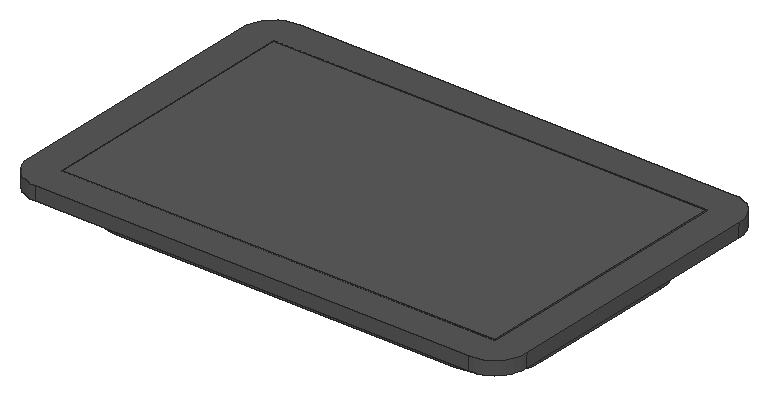
Revit family "Electronics_Control-Panels_Biamp_Apprimo_Touch_8i___1", category Communication Devices, host Face, Revit 2020
Family settings
  Host = Face
  Maintain Annotation Orientation = No
  Round Connector Dimension = Use Diameter
  Part Type = Normal
  OmniClass Number = 23.85.10.17.11
  OmniClass Title = Audio-Visual System Components
  Cut with Voids When Loaded = No
  Shared = No
  Room Calculation Point = No
Parameters (values of type "Touch 8i")
  Width = 0' - 7 179/256"  # constant formula
  Weight = 1.00 lbf  # constant formula
  Voltage = 0 V
  Void Offset [instance] = if(Flat Wall Mount, 0' 0", 0' 0 13/16")  # 0' - 0"
  View  wall plate [instance] = if(and(Table mount, Angled Wall Mount), Table mount, if(Table mount, not(Table mount), if(Angled Wall Mount, not(Angled Wall Mount), Flat Wall Mount)))  # yes
  Sensors = "Proximity; Ambient Light"  # constant formula
  Product data url = "https://www.bimobject.com/biamp/product/apprimo-touch-8i_control-panel"
  Power Factor = 1
  Number of Poles = 1  # constant formula
  Network Connection = "RJ-45 with Ethernet cable (Cat 5e and above)"  # constant formula
  Maximum Display Brightness = "350 nits"  # constant formula
  Max Power Consumption = 0 W
  Humidity = "10-90% (non-condensing)"  # constant formula
  Housing Material = Biamp - Plastic - Black
  Height = 0' - 5 13/128"  # constant formula
  Flat Wall Mount [instance] = not(Table mount)  # yes
  View Angled Wall Mount [instance] = and(Flat Wall Mount, Angled Wall Mount)  # no
  URL = "https://www.biamp.com/"
  Temperature Range = "32 - 104° F (0 - 40° C)"  # constant formula
  Table mount note [instance] = "Optional tabletop stand and wall mount accessory sold separately"  # constant formula
  Table mount [instance] = no
  Product Page URL = "https://www.biamp.com/products/product-families/apprimo/control-panels#apprimo-touch-8i"
  Product Documentation Link = "https://downloads.biamp.com/assets/docs/default-source/data-sheets/biamp_data_sheet_apprimo_touch_8i_sep22.pdf"
  Offset Mount Type [instance] = if(Mount Angle = 165.00°, 0' 0 27/32", if(Mount Angle = 195.00°, 0' 0 27/32", 0' 0 17/256"))  # 0' - 0 17/256"
  Mount Angle [instance] = if(and(Table mount, Angled Wall Mount), 180.00°, if(Table mount, 165.00°, if(and(Flat Wall Mount, Angled Wall Mount), 195.00°, 180.00°)))  # 180.00°
  Model = "Apprimo Touch 8i"  # constant formula
  Manufacturer = "Biamp"  # constant formula
  Display Type = "High-Contrast Capacitive Touch LCD"  # constant formula
  Display Resolution = "1280x800"  # constant formula
  Display Diagonal Size = 0' - 8"  # constant formula
  Description = "Apprimo Touch 8i Control Panel"  # constant formula
  Depth = 0' - 1 1/2"  # constant formula
  Default Elevation = 4' - 0"
  View Table mount [instance] = if(and(Table mount, Angled Wall Mount), not(Table mount), if(and(Table mount, Angled Wall Mount), not(Angled Wall Mount), Table mount))  # no
  Connector Description = "PoE (IEEE 802.3at Class 3,15W)"  # constant formula
  Compliance = "CE marked (Europe), RoHS Directive (Europe)"  # constant formula
  Apparent Load = Max Power Consumption / Power Factor  # 0 VA
  Angled Wall Mount [instance] = no
  Altitude = "0-6,600 ft (0-2000m) MSL"  # constant formula
Reference planes (in)
  plane 1 "Center (Front/Back)": y = 0
  plane 2: z = 0
  plane 3 "Center (Left/Right)": x = 0
  plane 4: z = 0.06641
  plane 5: z = 0
  plane 6: z = -0.8125
Forms (in)
  Extrusion 1, solid, material "Biamp - Plastic - Black" <- "Housing Material", visible <- "View  wall plate"
    sketch origin (0, 0, 0) x (1, 0, 0) y (0, 1, 0)
      loop
        line (-3.35078, 1.16309) -> (-3.35078, -1.16231)
        arc (-3.35078, -1.16231) -> (-3.13088, -1.69319) -> (-2.6, -1.91309) r 0.75078
        line (-2.6, -1.91309) -> (2.60078, -1.91309)
        arc (2.60078, -1.91309) -> (3.13111, -1.69342) -> (3.35078, -1.16309) r 0.75
        line (3.35078, -1.16309) -> (3.35078, 1.16231)
        arc (3.35078, 1.16231) -> (3.13088, 1.69319) -> (2.6, 1.91309) r 0.75078
        line (2.6, 1.91309) -> (-2.60078, 1.91309)
        arc (-2.60078, 1.91309) -> (-3.13111, 1.69342) -> (-3.35078, 1.16309) r 0.75
    from 0 to 0.06641
  Extrusion 2, void
    sketch origin (0, 0, 0) x (1, 0, 0) y (0, 1, 0)
      loop
        line (0.32004, 0.63966) -> (0.32004, 1.26466) -> (-0.32004, 1.26466) -> (-0.32004, 0.63966) -> (0.32004, 0.63966)
    from -0.8125 to 0
Lines and regions (in)
  Masking region 1, visible <- "View Table mount", detail levels medium+fine
    outline origin (0, 0, 0) x (1, 0, 0) y (0, 1, 0)
      loop
        spline (-3.36074, 2.35425) -> (-3.42498, 2.34877) -> (-3.48796, 2.33536) -> (-3.54864, 2.31425) -> (-3.60601, 2.28578) -> (-3.65911, 2.25044) -> (-3.70707, 2.20881) -> (-3.74909, 2.16158) -> (-3.78446, 2.10953) -> (-3.8126, 2.05354) -> (-3.83305, 1.99453) -> (-3.84545, 1.93349) -> (-3.84961, 1.87142)
        line (-3.84961, 1.87142) -> (-3.84961, -2.14368)
        spline (-3.84961, -2.14368) -> (-3.84533, -2.20671) -> (-3.83257, -2.26868) -> (-3.81155, -2.3285) -> (-3.78262, -2.38516) -> (-3.74629, -2.43768) -> (-3.70316, -2.48518) -> (-3.65399, -2.52684) -> (-3.59961, -2.56193) -> (-3.54095, -2.58988) -> (-3.47902, -2.61018) -> (-3.41487, -2.62251) -> (-3.34961, -2.62664)
        line (-3.34961, -2.62664) -> (3.34961, -2.62664)
        spline (3.34961, -2.62664) -> (3.41487, -2.62251) -> (3.47902, -2.61018) -> (3.54095, -2.58988) -> (3.59961, -2.56193) -> (3.65399, -2.52684) -> (3.70316, -2.48518) -> (3.74629, -2.43768) -> (3.78262, -2.38516) -> (3.81155, -2.3285) -> (3.83257, -2.26868) -> (3.84533, -2.20671) -> (3.84961, -2.14368)
        line (3.84961, -2.14368) -> (3.84961, 1.872)
        spline (3.84961, 1.872) -> (3.84513, 1.93594) -> (3.83194, 1.99874) -> (3.81027, 2.05929) -> (3.78049, 2.11654) -> (3.74314, 2.16946) -> (3.69887, 2.21715) -> (3.64845, 2.25874) -> (3.59278, 2.29352) -> (3.53283, 2.32087) -> (3.46966, 2.34032) -> (3.40438, 2.35151) -> (3.33814, 2.35425)
        line (3.33814, 2.35425) -> (-3.36074, 2.35425)
  Masking region 2, visible <- "View Angled Wall Mount", detail levels medium+fine
    outline origin (0, 0, 0) x (1, 0, 0) y (0, 1, 0)
      loop
        spline (-3.34961, 2.62664) -> (-3.41487, 2.62251) -> (-3.47902, 2.61018) -> (-3.54095, 2.58988) -> (-3.59961, 2.56193) -> (-3.65399, 2.52684) -> (-3.70316, 2.48518) -> (-3.74629, 2.43768) -> (-3.78262, 2.38516) -> (-3.81155, 2.3285) -> (-3.83257, 2.26868) -> (-3.84533, 2.20671) -> (-3.84961, 2.14368)
        line (-3.84961, 2.14368) -> (-3.84961, -1.872)
        spline (-3.84961, -1.872) -> (-3.84513, -1.93594) -> (-3.83194, -1.99874) -> (-3.81027, -2.05929) -> (-3.78049, -2.11654) -> (-3.74314, -2.16946) -> (-3.69887, -2.21715) -> (-3.64845, -2.25874) -> (-3.59278, -2.29352) -> (-3.53283, -2.32087) -> (-3.46966, -2.34032) -> (-3.40438, -2.35151) -> (-3.33814, -2.35425)
        line (-3.33814, -2.35425) -> (3.36074, -2.35425)
        spline (3.36074, -2.35425) -> (3.42498, -2.34877) -> (3.48796, -2.33536) -> (3.54864, -2.31425) -> (3.60601, -2.28578) -> (3.65911, -2.25044) -> (3.70707, -2.20881) -> (3.74909, -2.16158) -> (3.78446, -2.10953) -> (3.8126, -2.05354) -> (3.83305, -1.99453) -> (3.84545, -1.93349) -> (3.84961, -1.87142)
        line (3.84961, -1.87142) -> (3.84961, 2.14368)
        spline (3.84961, 2.14368) -> (3.84533, 2.20671) -> (3.83257, 2.26868) -> (3.81155, 2.3285) -> (3.78262, 2.38516) -> (3.74629, 2.43768) -> (3.70316, 2.48518) -> (3.65399, 2.52684) -> (3.59961, 2.56193) -> (3.54095, 2.58988) -> (3.47902, 2.61018) -> (3.41487, 2.62251) -> (3.34961, 2.62664)
        line (3.34961, 2.62664) -> (-3.34961, 2.62664)
  Masking region 3, visible <- "View  wall plate", detail levels medium+fine
    outline origin (0, 0, 0) x (1, 0, 0) y (0, 1, 0)
      loop
        arc (-3.34961, 2.55078) -> (-3.70316, 2.40433) -> (-3.84961, 2.05078) r 0.5
        line (-3.84961, 2.05078) -> (-3.84961, -2.05078)
        arc (-3.84961, -2.05078) -> (-3.70316, -2.40433) -> (-3.34961, -2.55078) r 0.5
        line (-3.34961, -2.55078) -> (3.34961, -2.55078)
        arc (3.34961, -2.55078) -> (3.70316, -2.40433) -> (3.84961, -2.05078) r 0.5
        line (3.84961, -2.05078) -> (3.84961, 2.05078)
        arc (3.84961, 2.05078) -> (3.70316, 2.40433) -> (3.34961, 2.55078) r 0.5
        line (3.34961, 2.55078) -> (-3.34961, 2.55078)
  Masking region 4, visible <- "View Angled Wall Mount", detail levels coarse
    outline origin (0, 0, 0) x (1, 0, 0) y (0, 1, 0)
      loop
        line (-3.84961, -2.46387) -> (3.84961, -2.46387) -> (3.84961, 2.62664) -> (-3.84961, 2.62664) -> (-3.84961, -2.46387)
  Masking region 5, visible <- "View Table mount", detail levels coarse
    outline origin (0, 0, 0) x (1, 0, 0) y (0, 1, 0)
      loop
        line (-3.84961, 2.46387) -> (-3.84961, -2.62664) -> (3.84961, -2.62664) -> (3.84961, 2.46387) -> (-3.84961, 2.46387)
  Masking region 6, visible <- "View  wall plate", detail levels coarse
    outline origin (0, 0, 0) x (1, 0, 0) y (0, 1, 0)
      loop
        line (-3.84961, 2.62664) -> (-3.84961, -2.46387) -> (3.84961, -2.46387) -> (3.84961, 2.62664) -> (-3.84961, 2.62664)
  Masking region 7, visible <- "View  wall plate", detail levels fine
    outline origin (0, 0, 0) x (1, 0, 0) y (0, 0, 1)
      loop
        line (-3.84961, 0.69531) -> (-3.84961, 0.48942) -> (-3.35078, 0.06641) -> (-3.35078, 0) -> (3.35078, 0) -> (3.35078, 0.06641) -> (3.85, 0.48942) -> (3.84961, 0.69531) -> (-3.84961, 0.69531)
  Masking region 8, visible <- "View  wall plate", detail levels coarse+medium
    outline origin (0, 0, 0) x (1, 0, 0) y (0, 0, 1)
      loop
        line (-3.84961, 0.69531) -> (-3.84961, 0.06641) -> (-3.35078, 0.06641) -> (-3.35078, 0) -> (3.35078, 0) -> (3.35078, 0.06641) -> (3.84961, 0.06641) -> (3.84961, 0.69531) -> (-3.84961, 0.69531)
  Masking region 9, visible <- "View  wall plate", detail levels fine
    outline origin (0, 0, 0) x (1, 0, 0) y (0, 0, 1)
      loop
        line (-3.84961, 0.48942) -> (-3.35078, 0.06641) -> (3.35078, 0.06641) -> (3.85, 0.48942) -> (-3.84961, 0.48942)
  Masking region 10, visible <- "View  wall plate", detail levels coarse+medium
    outline origin (0, 0, 0) x (1, 0, 0) y (0, 0, 1)
      loop
        line (-3.35078, 0.06641) -> (-3.35078, 0) -> (3.35078, 0) -> (3.35078, 0.06641) -> (-3.35078, 0.06641)
  Masking region 11, visible <- "View Table mount", detail levels coarse
    outline origin (0, 0, 0) x (1, 0, 0) y (0, 0, 1)
      loop
        line (-3.84961, 1.33407) -> (-3.84961, 0.18356) -> (-3.13309, 0.18356) -> (-3.33897, 0.36682)
        spline (-3.33897, 0.36682) -> (-3.33811, 0.39167) -> (-3.32425, 0.41623) -> (-3.29764, 0.44011) -> (-3.25878, 0.46282) -> (-3.20837, 0.48396) -> (-3.14736, 0.50314) -> (-3.07688, 0.51999) -> (-2.99813, 0.53422) -> (-2.91271, 0.54556) -> (-2.82235, 0.55379) -> (-2.72856, 0.55876) -> (-2.63244, 0.56042)
        line (-2.63244, 0.56042) -> (2.63206, 0.56042)
        spline (2.63206, 0.56042) -> (2.72688, 0.55721) -> (2.81885, 0.55085) -> (2.90664, 0.54148) -> (2.98893, 0.52927) -> (3.06438, 0.51436) -> (3.1317, 0.49697) -> (3.18971, 0.47744) -> (3.23731, 0.45612) -> (3.27373, 0.43338) -> (3.29835, 0.40958) -> (3.3107, 0.38519) -> (3.31062, 0.36055)
        line (3.31062, 0.36055) -> (3.12873, 0.18356) -> (3.84961, 0.18356) -> (3.84961, 1.33407) -> (-3.84961, 1.33407)
  Masking region 12, visible <- "View Table mount"
    outline origin (0, 0, 0) x (1, 0, 0) y (0, 0, 1)
      loop
        line (-3.33898, 0.36685) -> (-3.09375, 0) -> (3.09375, 0) -> (3.31068, 0.36089)
        spline (3.31068, 0.36089) -> (3.30948, 0.38549) -> (3.29714, 0.40986) -> (3.27258, 0.43361) -> (3.23623, 0.45631) -> (3.18871, 0.47759) -> (3.13084, 0.49708) -> (3.06361, 0.51444) -> (2.98819, 0.52937) -> (2.90586, 0.54162) -> (2.81804, 0.55098) -> (2.72625, 0.55728) -> (2.63206, 0.56042)
        line (2.63206, 0.56042) -> (-2.63248, 0.56042)
        spline (-2.63248, 0.56042) -> (-2.72823, 0.55877) -> (-2.82224, 0.55379) -> (-2.91277, 0.54555) -> (-2.99815, 0.53422) -> (-3.07681, 0.51999) -> (-3.14729, 0.50314) -> (-3.20829, 0.48397) -> (-3.25868, 0.46283) -> (-3.29754, 0.44012) -> (-3.32414, 0.41626) -> (-3.338, 0.39168) -> (-3.33898, 0.36685)
  Masking region 13, visible <- "View Table mount", detail levels medium+fine
    outline origin (0, 0, 0) x (1, 0, 0) y (0, 0, 1)
      loop
        line (-3.84961, 1.20466) -> (-3.84961, -0.09109)
        spline (-3.84961, -0.09109) -> (-3.84526, -0.1081) -> (-3.83244, -0.1248) -> (-3.81137, -0.1409) -> (-3.78242, -0.15613) -> (-3.74607, -0.17023) -> (-3.70295, -0.18295) -> (-3.65379, -0.19408) -> (-3.59943, -0.20343) -> (-3.54081, -0.21084) -> (-3.47892, -0.21619) -> (-3.41482, -0.21937) -> (-3.34961, -0.22034)
        line (-3.34961, -0.22034) -> (-3.22066, -0.22034) -> (-3.09375, 0) -> (3.09375, 0) -> (3.20661, -0.22034) -> (3.34961, -0.22034)
        spline (3.34961, -0.22034) -> (3.41487, -0.21892) -> (3.47902, -0.21535) -> (3.54095, -0.2097) -> (3.59961, -0.20206) -> (3.65399, -0.19256) -> (3.70316, -0.18136) -> (3.74628, -0.16867) -> (3.78262, -0.15469) -> (3.81154, -0.13966) -> (3.83257, -0.12384) -> (3.84533, -0.10751) -> (3.84961, -0.09094)
        line (3.84961, -0.09094) -> (3.84961, 1.20466)
        spline (3.84961, 1.20466) -> (3.84533, 1.22156) -> (3.83257, 1.23816) -> (3.81155, 1.25419) -> (3.78262, 1.26937) -> (3.74629, 1.28344) -> (3.70316, 1.29617) -> (3.65399, 1.30733) -> (3.59961, 1.31674) -> (3.54095, 1.32422) -> (3.47902, 1.32966) -> (3.41487, 1.33297) -> (3.34961, 1.33407)
        line (3.34961, 1.33407) -> (-3.34961, 1.33407)
        spline (-3.34961, 1.33407) -> (-3.41487, 1.33297) -> (-3.47902, 1.32966) -> (-3.54095, 1.32422) -> (-3.59961, 1.31674) -> (-3.65399, 1.30733) -> (-3.70316, 1.29617) -> (-3.74629, 1.28344) -> (-3.78262, 1.26937) -> (-3.81155, 1.25419) -> (-3.83257, 1.23816) -> (-3.84533, 1.22156) -> (-3.84961, 1.20466)
  Masking region 14, visible <- "View Angled Wall Mount", detail levels medium+fine
    outline origin (0, 0, 0) x (1, 0, 0) y (0, 0, 1)
      loop
        line (-3.84961, 1.20466) -> (-3.84961, -0.05578)
        spline (-3.84961, -0.05578) -> (-3.84571, -0.07161) -> (-3.83406, -0.08723) -> (-3.81486, -0.10241) -> (-3.78839, -0.11689) -> (-3.75508, -0.13047) -> (-3.71545, -0.14292) -> (-3.6701, -0.15404) -> (-3.61975, -0.16368) -> (-3.56519, -0.17167) -> (-3.50726, -0.1779) -> (-3.44688, -0.18226) -> (-3.38497, -0.18469)
        line (-3.38497, -0.18469) -> (3.30981, -0.18469)
        spline (3.30981, -0.18469) -> (3.37847, -0.18503) -> (3.44659, -0.18292) -> (3.51288, -0.17839) -> (3.57608, -0.17153) -> (3.63502, -0.16246) -> (3.68858, -0.15136) -> (3.73574, -0.13844) -> (3.77562, -0.12394) -> (3.80746, -0.10813) -> (3.83067, -0.09131) -> (3.84481, -0.0738) -> (3.84961, -0.05594)
        line (3.84961, -0.05594) -> (3.84961, 1.20466)
        spline (3.84961, 1.20466) -> (3.84533, 1.22156) -> (3.83257, 1.23816) -> (3.81155, 1.25419) -> (3.78262, 1.26937) -> (3.74629, 1.28344) -> (3.70316, 1.29617) -> (3.65399, 1.30733) -> (3.59961, 1.31674) -> (3.54095, 1.32422) -> (3.47902, 1.32966) -> (3.41487, 1.33297) -> (3.34961, 1.33407)
        line (3.34961, 1.33407) -> (-3.34961, 1.33407)
        spline (-3.34961, 1.33407) -> (-3.41487, 1.33297) -> (-3.47902, 1.32966) -> (-3.54095, 1.32422) -> (-3.59961, 1.31674) -> (-3.65399, 1.30733) -> (-3.70316, 1.29617) -> (-3.74629, 1.28344) -> (-3.78262, 1.26937) -> (-3.81155, 1.25419) -> (-3.83257, 1.23816) -> (-3.84533, 1.22156) -> (-3.84961, 1.20466)
  Masking region 15, visible <- "View Angled Wall Mount"
    outline origin (0, 0, 0) x (1, 0, 0) y (0, 0, 1)
      loop
        line (-3.34961, 1.20466) -> (-3.34961, 0.1431) -> (3.34961, 0.1431) -> (3.34961, 1.20466) -> (-3.34961, 1.20466)
  Masking region 16, visible <- "View Angled Wall Mount", detail levels medium+fine
    outline origin (0, 0, 0) x (1, 0, 0) y (0, 0, 1)
      loop
        line (-3.22077, -0.18469) -> (3.2067, -0.18469) -> (3.09375, 0) -> (-3.09375, 0) -> (-3.22077, -0.18469)
  Masking region 17, visible <- "View Angled Wall Mount", detail levels coarse
    outline origin (0, 0, 0) x (1, 0, 0) y (0, 0, 1)
      loop
        line (-3.84961, 1.33407) -> (-3.84961, -0.19358) -> (3.84961, -0.19358) -> (3.84961, 1.33407) -> (-3.84961, 1.33407)
  Masking region 18, visible <- "View Angled Wall Mount", detail levels coarse
    outline origin (0, 0, 0) x (1, 0, 0) y (0, 0, 1)
      loop
        line (-3.22077, -0.18469) -> (3.2067, -0.18469) -> (3.09375, 0) -> (-3.09375, 0) -> (-3.22077, -0.18469)
  reference lines
    curve 1: line (0, 9.25, 0.06641) -> (0, 0, 0.06641)
  symbolic lines
    curve 2: line (0, 0.004, 0.06682) -> (0, -6.996, 0.06682)
  symbolic lines, visible <- "View Table mount", detail levels medium+fine
    curve 3: line (-3.84961, 1.87151, 0) -> (-3.84961, -2.14368, 0)
    curve 4: spline (-3.36074, 2.35425, 0) -> (-3.42498, 2.34877, 0) -> (-3.48796, 2.33536, 0) -> (-3.54864, 2.31425, 0) -> (-3.60601, 2.28578, 0) -> (-3.65911, 2.25044, 0) -> (-3.70707, 2.20881, 0) -> (-3.74909, 2.16158, 0) -> (-3.78446, 2.10953, 0) -> (-3.8126, 2.05354, 0) -> (-3.83305, 1.99453, 0) -> (-3.84545, 1.93349, 0) -> (-3.84961, 1.87142, 0)
    curve 5: spline (-3.34961, 2.30109, 0) -> (-3.41487, 2.29696, 0) -> (-3.47902, 2.28464, 0) -> (-3.54095, 2.26433, 0) -> (-3.59961, 2.23639, 0) -> (-3.65399, 2.20129, 0) -> (-3.70316, 2.15964, 0) -> (-3.74629, 2.11214, 0) -> (-3.78262, 2.05961, 0) -> (-3.81155, 2.00295, 0) -> (-3.83257, 1.94313, 0) -> (-3.84533, 1.88117, 0) -> (-3.84961, 1.81813, 0)
    curve 6: line (3.33814, 2.35425, 0) -> (-3.36074, 2.35425, 0)
    curve 7: line (3.34961, 2.30109, 0) -> (-3.34961, 2.30109, 0)
    curve 8: spline (3.84961, 1.872, 0) -> (3.84513, 1.93594, 0) -> (3.83194, 1.99874, 0) -> (3.81027, 2.05929, 0) -> (3.78049, 2.11654, 0) -> (3.74314, 2.16946, 0) -> (3.69887, 2.21715, 0) -> (3.64845, 2.25874, 0) -> (3.59278, 2.29352, 0) -> (3.53283, 2.32087, 0) -> (3.46966, 2.34032, 0) -> (3.40438, 2.35151, 0) -> (3.33814, 2.35425, 0)
    curve 9: spline (3.84961, 1.81813, 0) -> (3.84533, 1.88117, 0) -> (3.83257, 1.94313, 0) -> (3.81155, 2.00295, 0) -> (3.78262, 2.05961, 0) -> (3.74629, 2.11214, 0) -> (3.70316, 2.15964, 0) -> (3.65399, 2.20129, 0) -> (3.59961, 2.23639, 0) -> (3.54095, 2.26433, 0) -> (3.47902, 2.28464, 0) -> (3.41487, 2.29696, 0) -> (3.34961, 2.30109, 0)
    curve 10: line (3.84961, -2.14368, 0) -> (3.84961, 1.872, 0)
    curve 11: line (3.34961, -2.14368, 0) -> (3.34961, 1.83127, 0)
    curve 12: line (3.34961, 1.81813, 0) -> (-3.34961, 1.81813, 0)
    curve 13: line (-3.34961, 1.83127, 0) -> (-3.34961, -2.14368, 0)
    curve 14: spline (-3.84961, -2.14368, 0) -> (-3.84533, -2.20671, 0) -> (-3.83257, -2.26868, 0) -> (-3.81155, -2.3285, 0) -> (-3.78262, -2.38516, 0) -> (-3.74629, -2.43768, 0) -> (-3.70316, -2.48518, 0) -> (-3.65399, -2.52684, 0) -> (-3.59961, -2.56193, 0) -> (-3.54095, -2.58988, 0) -> (-3.47902, -2.61018, 0) -> (-3.41487, -2.62251, 0) -> (-3.34961, -2.62664, 0)
    curve 15: line (-3.34961, -2.62664, 0) -> (3.34961, -2.62664, 0)
    curve 16: line (-3.34961, -2.14368, 0) -> (3.34961, -2.14368, 0)
    curve 17: spline (3.34961, -2.62664, 0) -> (3.41487, -2.62251, 0) -> (3.47902, -2.61018, 0) -> (3.54095, -2.58988, 0) -> (3.59961, -2.56193, 0) -> (3.65399, -2.52684, 0) -> (3.70316, -2.48518, 0) -> (3.74629, -2.43768, 0) -> (3.78262, -2.38516, 0) -> (3.81155, -2.3285, 0) -> (3.83257, -2.26868, 0) -> (3.84533, -2.20671, 0) -> (3.84961, -2.14368, 0)
  symbolic lines, visible <- "View Angled Wall Mount", detail levels medium+fine
    curve 18: spline (-3.84961, -1.872, 0) -> (-3.84513, -1.93594, 0) -> (-3.83194, -1.99874, 0) -> (-3.81027, -2.05929, 0) -> (-3.78049, -2.11654, 0) -> (-3.74314, -2.16946, 0) -> (-3.69887, -2.21715, 0) -> (-3.64845, -2.25874, 0) -> (-3.59278, -2.29352, 0) -> (-3.53283, -2.32087, 0) -> (-3.46966, -2.34032, 0) -> (-3.40438, -2.35151, 0) -> (-3.33814, -2.35425, 0)
    curve 19: line (-3.33814, -2.35425, 0) -> (3.36074, -2.35425, 0)
    curve 20: line (-3.34961, -2.30109, 0) -> (3.34961, -2.30109, 0)
    curve 21: spline (-3.84961, -1.81813, 0) -> (-3.84533, -1.88117, 0) -> (-3.83257, -1.94313, 0) -> (-3.81155, -2.00295, 0) -> (-3.78262, -2.05961, 0) -> (-3.74629, -2.11214, 0) -> (-3.70316, -2.15964, 0) -> (-3.65399, -2.20129, 0) -> (-3.59961, -2.23639, 0) -> (-3.54095, -2.26433, 0) -> (-3.47902, -2.28464, 0) -> (-3.41487, -2.29696, 0) -> (-3.34961, -2.30109, 0)
    curve 22: spline (3.36074, -2.35425, 0) -> (3.42498, -2.34877, 0) -> (3.48796, -2.33536, 0) -> (3.54864, -2.31425, 0) -> (3.60601, -2.28578, 0) -> (3.65911, -2.25044, 0) -> (3.70707, -2.20881, 0) -> (3.74909, -2.16158, 0) -> (3.78446, -2.10953, 0) -> (3.8126, -2.05354, 0) -> (3.83305, -1.99453, 0) -> (3.84545, -1.93349, 0) -> (3.84961, -1.87142, 0)
    curve 23: spline (3.34961, -2.30109, 0) -> (3.41487, -2.29696, 0) -> (3.47902, -2.28464, 0) -> (3.54095, -2.26433, 0) -> (3.59961, -2.23639, 0) -> (3.65399, -2.20129, 0) -> (3.70316, -2.15964, 0) -> (3.74629, -2.11214, 0) -> (3.78262, -2.05961, 0) -> (3.81155, -2.00295, 0) -> (3.83257, -1.94313, 0) -> (3.84533, -1.88117, 0) -> (3.84961, -1.81813, 0)
    curve 24: line (3.84961, -1.87151, 0) -> (3.84961, 2.14368, 0)
    curve 25: line (3.34961, -1.83127, 0) -> (3.34961, 2.14368, 0)
    curve 26: line (-3.34961, -1.81813, 0) -> (3.34961, -1.81813, 0)
    curve 27: line (-3.34961, 2.14368, 0) -> (-3.34961, -1.83127, 0)
    curve 28: line (-3.84961, 2.14368, 0) -> (-3.84961, -1.872, 0)
    curve 29: spline (-3.34961, 2.62664, 0) -> (-3.41487, 2.62251, 0) -> (-3.47902, 2.61018, 0) -> (-3.54095, 2.58988, 0) -> (-3.59961, 2.56193, 0) -> (-3.65399, 2.52684, 0) -> (-3.70316, 2.48518, 0) -> (-3.74629, 2.43768, 0) -> (-3.78262, 2.38516, 0) -> (-3.81155, 2.3285, 0) -> (-3.83257, 2.26868, 0) -> (-3.84533, 2.20671, 0) -> (-3.84961, 2.14368, 0)
    curve 30: line (3.34961, 2.14368, 0) -> (-3.34961, 2.14368, 0)
    curve 31: line (3.34961, 2.62664, 0) -> (-3.34961, 2.62664, 0)
    curve 32: spline (3.84961, 2.14368, 0) -> (3.84533, 2.20671, 0) -> (3.83257, 2.26868, 0) -> (3.81155, 2.3285, 0) -> (3.78262, 2.38516, 0) -> (3.74629, 2.43768, 0) -> (3.70316, 2.48518, 0) -> (3.65399, 2.52684, 0) -> (3.59961, 2.56193, 0) -> (3.54095, 2.58988, 0) -> (3.47902, 2.61018, 0) -> (3.41487, 2.62251, 0) -> (3.34961, 2.62664, 0)
  symbolic lines, visible <- "View  wall plate", detail levels medium+fine
    curve 33: line (3.34961, 2.55078, 0) -> (-3.34961, 2.55078, 0)
    curve 34: arc (-3.34961, 2.55078, 0) -> (-3.70316, 2.40433, 0) -> (-3.84961, 2.05078, 0) r 0.5
    curve 35: arc (3.84961, 2.05078, 0) -> (3.70316, 2.40433, 0) -> (3.34961, 2.55078, 0) r 0.5
    curve 36: line (3.34961, 2.05078, 0) -> (-3.34961, 2.05078, 0)
    curve 37: line (-3.84961, 2.05078, 0) -> (-3.84961, -2.05078, 0)
    curve 38: line (-3.34961, 2.05078, 0) -> (-3.34961, -2.05078, 0)
    curve 39: line (3.34961, -2.05078, 0) -> (3.34961, 2.05078, 0)
    curve 40: line (3.84961, -2.05078, 0) -> (3.84961, 2.05078, 0)
    curve 41: arc (3.34961, -2.55078, 0) -> (3.70316, -2.40433, 0) -> (3.84961, -2.05078, 0) r 0.5
    curve 42: line (-3.34961, -2.05078, 0) -> (3.34961, -2.05078, 0)
    curve 43: line (-3.34961, -2.55078, 0) -> (3.34961, -2.55078, 0)
    curve 44: arc (-3.84961, -2.05078, 0) -> (-3.70316, -2.40433, 0) -> (-3.34961, -2.55078, 0) r 0.5
  symbolic lines, visible <- "View Angled Wall Mount", detail levels coarse
    curve 45: line (-3.84961, -2.46387, 0) -> (3.84961, -2.46387, 0)
    curve 46: line (-3.84961, 2.62664, 0) -> (-3.84961, -2.46387, 0)
    curve 47: line (3.84961, 2.62664, 0) -> (-3.84961, 2.62664, 0)
    curve 48: line (3.84961, -2.46387, 0) -> (3.84961, 2.62664, 0)
    curve 49: line (-3.84961, -2.30109, 0) -> (3.84961, -2.30109, 0)
  symbolic lines, visible <- "View  wall plate", detail levels coarse
    curve 50: line (3.84961, 2.62664, 0) -> (-3.84961, 2.62664, 0)
    curve 51: line (3.84961, -2.46387, 0) -> (3.84961, 2.62664, 0)
    curve 58: line (3.84961, -2.46387, 0) -> (-3.84961, -2.46387, 0)
    curve 59: line (-3.84961, -2.46387, 0) -> (-3.84961, 2.62664, 0)
  symbolic lines, style "CommunicationDevices", visible <- "View Table mount", detail levels coarse
    curve 52: line (-3.84961, -2.62664, 0) -> (3.84961, -2.62664, 0)
    curve 53: line (-3.84961, 2.46387, 0) -> (3.84961, 2.46387, 0)
    curve 54: line (-3.84961, 2.46387, 0) -> (-3.84961, -2.62664, 0)
    curve 55: line (3.84961, -2.62664, 0) -> (3.84961, 2.46387, 0)
    curve 56: line (-3.84961, 2.46387, 0) -> (-3.84961, -2.55078, 0)
    curve 57: line (-3.84961, 2.30109, 0) -> (3.84961, 2.30109, 0)
Dimensions and locks (in)
  "Offset Mount Type": plane 4 to level
  locked: plane 5 to plane 6 at 0.8125
  "Void Offset": plane 5 to level
  "Mount Angle": angle host face to curve 1
  aligned and locked: plane 2 to host face
  aligned and locked: level to host face
  aligned and locked: plane 4 to curve 1
  aligned and locked: plane 1 "Center (Front/Back)" to curve 1
  aligned and locked: Masking region 6 sketch curve to curve 50
  aligned and locked: Masking region 6 sketch curve to curve 59
  aligned and locked: Masking region 6 sketch curve to curve 58
  aligned and locked: Masking region 6 sketch curve to curve 51
  aligned and locked: plane 5 to Extrusion 2
  aligned and locked: Extrusion 2 to plane 6
Automatic sketch dimensions
  host sketch curve to host sketch curve = 8' - 0"  (x2)
  plane 1 "Center (Front/Back)" to curve 2 = 0' - 6.996"
  curve 2 to plane 1 "Center (Front/Back)" = 0' - 0.004"
  plane 4 to curve 2 = 0' - 0.00042"
  Masking region 1 sketch curve to plane 3 "Center (Left/Right)" = 0' - 3.36074"
  Masking region 1 sketch curve to plane 1 "Center (Front/Back)" = 0' - 2.35425"
  Masking region 1 sketch curve to Masking region 1 sketch curve = 0' - 0.48887"
  Masking region 1 sketch curve to Masking region 1 sketch curve = 0' - 0.01113"
  Masking region 1 sketch curve to Masking region 1 sketch curve = 0' - 0.4999"
  plane 3 "Center (Left/Right)" to Masking region 1 sketch curve = 0' - 3.33814"
  Masking region 1 sketch curve to Masking region 1 sketch curve = 0' - 0.47195"
  Masking region 1 sketch curve to Masking region 1 sketch curve = 0' - 0.01147"
  Masking region 1 sketch curve to Masking region 1 sketch curve = 0' - 0 1/2"  (x3)
  Masking region 1 sketch curve to Masking region 1 sketch curve = 0' - 0"
  Masking region 1 sketch curve to Masking region 1 sketch curve = 0' - 0.48312"
  plane 1 "Center (Front/Back)" to Masking region 1 sketch curve = 0' - 2.14368"
  Masking region 1 sketch curve to Masking region 1 sketch curve = 0' - 0.48296"  (x2)
  Masking region 1 sketch curve to plane 3 "Center (Left/Right)" = 0' - 3.34961"
  Masking region 1 sketch curve to Masking region 1 sketch curve = 0' - 0.00009"
  Masking region 2 sketch curve to plane 1 "Center (Front/Back)" = 0' - 2.62664"
  Masking region 2 sketch curve to Masking region 2 sketch curve = 0' - 0 1/2"  (x2)
  plane 3 "Center (Left/Right)" to Masking region 2 sketch curve = 0' - 3.34961"
  Masking region 2 sketch curve to Masking region 2 sketch curve = 0' - 0.48296"  (x2)
  plane 1 "Center (Front/Back)" to Masking region 2 sketch curve = 0' - 1.87151"
  Masking region 2 sketch curve to Masking region 2 sketch curve = 0' - 0.48887"
  Masking region 2 sketch curve to Masking region 2 sketch curve = 0' - 0.48274"
  Masking region 2 sketch curve to plane 3 "Center (Left/Right)" = 0' - 3.33814"
  Masking region 2 sketch curve to Masking region 2 sketch curve = 0' - 0.51104"
  Masking region 2 sketch curve to Masking region 2 sketch curve = 0' - 0.01113"
  Masking region 2 sketch curve to Masking region 2 sketch curve = 0' - 0"  (x2)
  Masking region 2 sketch curve to Masking region 2 sketch curve = 0' - 0.48213"
  Masking region 2 sketch curve to Masking region 2 sketch curve = 0' - 0.51147"
  Masking region 2 sketch curve to Masking region 2 sketch curve = 0' - 0.01147"
  Masking region 2 sketch curve to Masking region 2 sketch curve = 0' - 0.47871"
  Masking region 3 sketch curve to plane 1 "Center (Front/Back)" = 0' - 2 13/256"
  Masking region 3 sketch curve to Masking region 3 sketch curve = 0' - 0 1/2"  (x4)
  plane 3 "Center (Left/Right)" to Masking region 3 sketch curve = 0' - 3.34961"
  plane 1 "Center (Front/Back)" to Masking region 3 sketch curve = 0' - 2 13/256"
  Masking region 3 sketch curve to plane 3 "Center (Left/Right)" = 0' - 3.34961"
  Extrusion 1 sketch curve to plane 1 "Center (Front/Back)" = 0' - 1.16309"
  Extrusion 1 sketch curve to Extrusion 1 sketch curve = 0' - 0 3/4"  (x2)
  plane 3 "Center (Left/Right)" to Extrusion 1 sketch curve = 0' - 2.6"
  Extrusion 1 sketch curve to Extrusion 1 sketch curve = 0' - 0.75078"  (x2)
  plane 1 "Center (Front/Back)" to Extrusion 1 sketch curve = 0' - 1.16309"
  Extrusion 1 sketch curve to plane 3 "Center (Left/Right)" = 0' - 2.6"
  Masking region 4 sketch curve to plane 3 "Center (Left/Right)" = 0' - 3.84961"
  plane 3 "Center (Left/Right)" to Masking region 4 sketch curve = 0' - 3.84961"
  plane 1 "Center (Front/Back)" to Masking region 4 sketch curve = 0' - 2.46387"
  Masking region 4 sketch curve to plane 1 "Center (Front/Back)" = 0' - 2.62664"
  Masking region 5 sketch curve to plane 3 "Center (Left/Right)" = 0' - 3.84961"
  Masking region 5 sketch curve to plane 1 "Center (Front/Back)" = 0' - 2.46387"
  plane 3 "Center (Left/Right)" to Masking region 5 sketch curve = 0' - 3.84961"
  plane 1 "Center (Front/Back)" to Masking region 5 sketch curve = 0' - 2.62664"
  curve 28 to plane 3 "Center (Left/Right)" = 0' - 3.84961"
  curve 3 to curve 28 = 0' - 0"
  curve 58 to curve 3 = 0' - 0"
  curve 56 to curve 46 = 0' - 0"
  curve 57 to curve 6 = 0' - 0.48887"
  curve 56 to curve 43 = 0' - 0 1/2"
  curve 15 to curve 44 = 0' - 0"
  curve 16 to curve 14 = 0' - 0"
  curve 34 to curve 13 = 0' - 0"
  curve 31 to curve 34 = 0' - 0"
  curve 30 to curve 29 = 0' - 0"
  curve 20 to curve 13 = 0' - 0"
  curve 4 to curve 7 = 0' - 0.01113"
  curve 21 to curve 19 = 0' - 0.01147"
  plane 3 "Center (Left/Right)" to curve 6 = 0' - 3.33814"
  curve 6 to curve 30 = 0' - 0.01147"
  curve 6 to curve 7 = 0' - 0.01147"
  curve 8 to curve 31 = 0' - 0.01147"
  curve 11 to curve 25 = 0' - 0"
  curve 33 to curve 31 = 0' - 0"
  curve 43 to curve 11 = 0' - 0"
  curve 15 to curve 41 = 0' - 0"
  curve 20 to curve 11 = 0' - 0"
  curve 23 to curve 19 = 0' - 0.01113"
  curve 19 to curve 45 = 0' - 0.48887"
  curve 10 to curve 49 = 0' - 0"
  curve 24 to curve 57 = 0' - 0"
  curve 52 to curve 45 = 0' - 0"
  plane 1 "Center (Front/Back)" to curve 15 = 0' - 2.62664"
  curve 52 to curve 14 = 0' - 0"
  curve 15 to curve 43 = 0' - 0.07586"
  curve 52 to curve 48 = 0' - 0.16277"
  curve 43 to curve 19 = 0' - 0.19653"
  curve 19 to curve 20 = 0' - 0.05316"
  curve 10 to curve 41 = 0' - 0.09289"
  curve 3 to curve 44 = 0' - 0.09289"
  curve 13 to curve 14 = 0' - 0"
  curve 44 to curve 28 = 0' - 0.17878"
  curve 10 to plane 1 "Center (Front/Back)" = 0' - 1.872"
  curve 10 to curve 35 = 0' - 0.17878"
  curve 35 to curve 30 = 0' - 0.09289"
  curve 35 to curve 24 = 0' - 0.09289"
  curve 34 to curve 28 = 0' - 0.09289"
  curve 27 to curve 7 = 0' - 0.15742"
  curve 5 to curve 6 = 0' - 0.05316"
  curve 24 to curve 53 = 0' - 0.32019"
  curve 53 to curve 51 = 0' - 0.16277"
  curve 34 to curve 31 = 0' - 0.07586"
  curve 37 to curve 44 = 0' - 0"  (x2)
  curve 3 to curve 4 = 0' - 0"
  curve 28 to curve 18 = 0' - 0"
  curve 38 to curve 42 = 0' - 0"
  curve 27 to curve 18 = 0' - 0"
  curve 13 to curve 4 = 0' - 0"
  curve 4 to curve 5 = 0' - 0.00009"
  curve 22 to curve 25 = 0' - 0.49991"
  curve 22 to curve 25 = 0' - 0"
  curve 8 to curve 11 = 0' - 0"
  curve 39 to curve 42 = 0' - 0"
  curve 8 to curve 10 = 0' - 0"
  curve 22 to curve 24 = 0' - 0"
  curve 40 to curve 35 = 0' - 0"  (x2)
  curve 52 to curve 56 = 0' - 0.07586"
  curve 49 to curve 3 = 0' - 0.15742"
  curve 39 to curve 41 = 0' - 0"
  curve 38 to curve 44 = 0' - 0"
  curve 40 to curve 41 = 0' - 0"
  curve 42 to curve 38 = 0' - 0"
  curve 39 to curve 22 = 0' - 0.16849"
  curve 24 to curve 22 = 0' - 0.00009"
  curve 22 to curve 25 = 0' - 0.04084"
  curve 18 to curve 27 = 0' - 0.03985"
  curve 22 to curve 23 = 0' - 0.05329"
  curve 14 to curve 21 = 0' - 0.32555"
  curve 26 to curve 21 = 0' - 0"
  curve 5 to curve 29 = 0' - 0.32555"
  curve 9 to curve 8 = 0' - 0.05299"
  curve 12 to curve 9 = 0' - 0"
  curve 9 to curve 11 = 0' - 0.01314"
  curve 5 to curve 13 = 0' - 0.01314"
  curve 5 to curve 4 = 0' - 0.05329"
  curve 4 to curve 3 = 0' - 0.00009"
  curve 39 to curve 35 = 0' - 0"
  curve 36 to curve 35 = 0' - 0"
  curve 37 to curve 34 = 0' - 0"
  curve 38 to curve 34 = 0' - 0"
  curve 24 to curve 57 = 0' - 0.15742"
  Extrusion 2 sketch curve to plane 3 "Center (Left/Right)" = 0' - 0.32004"
  plane 3 "Center (Left/Right)" to Extrusion 2 sketch curve = 0' - 0.32004"
  Extrusion 2 sketch curve to plane 1 "Center (Front/Back)" = 0' - 1.26466"
  Extrusion 2 sketch curve to Extrusion 2 sketch curve = 0' - 0 5/8"
  Masking region 7 sketch curve to level = 0' - 0"
  Masking region 7 sketch curve to plane 4 = 0' - 0"  (x2)
  plane 4 to Masking region 7 sketch curve = 0' - 0.42301"  (x2)
  Masking region 7 sketch curve to plane 3 "Center (Left/Right)" = 0' - 3.84961"
  Masking region 7 sketch curve to Masking region 7 sketch curve = 0' - 0.49883"
  plane 3 "Center (Left/Right)" to Masking region 7 sketch curve = 0' - 3.35078"
  Masking region 7 sketch curve to Masking region 7 sketch curve = 0' - 0.49922"
  Masking region 7 sketch curve to Masking region 7 sketch curve = 0' - 0.00039"
  Masking region 7 sketch curve to Masking region 7 sketch curve = 0' - 0.2059"
  Masking region 8 sketch curve to plane 4 = 0' - 0"  (x2)
  Masking region 8 sketch curve to level = 0' - 0"
  Masking region 8 sketch curve to plane 3 "Center (Left/Right)" = 0' - 3.84961"
  Masking region 8 sketch curve to Masking region 8 sketch curve = 0' - 0.49883"  (x2)
  plane 3 "Center (Left/Right)" to Masking region 8 sketch curve = 0' - 3.35078"
  Masking region 8 sketch curve to Masking region 8 sketch curve = 0' - 0 161/256"
  Masking region 9 sketch curve to plane 4 = 0' - 0"
  Masking region 9 sketch curve to plane 3 "Center (Left/Right)" = 0' - 3.35078"
  plane 3 "Center (Left/Right)" to Masking region 9 sketch curve = 0' - 3.35078"
  plane 4 to Masking region 9 sketch curve = 0' - 0.42301"
  Masking region 9 sketch curve to Masking region 9 sketch curve = 0' - 0.49883"
  Masking region 9 sketch curve to Masking region 9 sketch curve = 0' - 0.49922"
  Masking region 10 sketch curve to level = 0' - 0"
  Masking region 10 sketch curve to plane 4 = 0' - 0"
  Masking region 10 sketch curve to plane 3 "Center (Left/Right)" = 0' - 3.35078"
  plane 3 "Center (Left/Right)" to Masking region 10 sketch curve = 0' - 3.35078"
  level to Masking region 11 sketch curve = 0' - 0.18356"  (x2)
  plane 4 to Masking region 11 sketch curve = 0' - 1.26767"
  Masking region 12 sketch curve to level = 0' - 0"
  plane 4 to Masking region 12 sketch curve = 0' - 0.49401"
  plane 3 "Center (Left/Right)" to Masking region 12 sketch curve = 0' - 2.63206"
  Masking region 12 sketch curve to Masking region 12 sketch curve = 0' - 0.04514"
  Masking region 12 sketch curve to plane 3 "Center (Left/Right)" = 0' - 2.63248"
  Masking region 12 sketch curve to Masking region 12 sketch curve = 0' - 0"
  Masking region 12 sketch curve to Masking region 12 sketch curve = 0' - 0.00144"
  Masking region 12 sketch curve to Masking region 12 sketch curve = 0' - 0.45983"
  plane 4 to Masking region 12 sketch curve = 0' - 0.30044"  (x2)
  Masking region 12 sketch curve to Masking region 12 sketch curve = 0' - 0.70494"
  Masking region 12 sketch curve to Masking region 12 sketch curve = 0' - 0.00012"
  Masking region 12 sketch curve to Masking region 12 sketch curve = 0' - 0.00111"
  plane 4 to Masking region 12 sketch curve = 0' - 0.29451"
  Masking region 12 sketch curve to Masking region 12 sketch curve = 0' - 0.72247"
  Masking region 12 sketch curve to Masking region 12 sketch curve = 0' - 0.0016"
  Masking region 12 sketch curve to Masking region 12 sketch curve = 0' - 0.18278"
  Masking region 12 sketch curve to Masking region 12 sketch curve = 0' - 0.21564"
  plane 4 to Masking region 12 sketch curve = 0' - 0.29449"
  Masking region 12 sketch curve to Masking region 12 sketch curve = 0' - 0.00129"
  plane 4 to Masking region 11 sketch curve = 0' - 0.29415"
  Masking region 11 sketch curve to Masking region 11 sketch curve = 0' - 0.53899"
  plane 4 to Masking region 11 sketch curve = 0' - 0.49401"
  Masking region 11 sketch curve to Masking region 11 sketch curve = 0' - 0.67856"
  Masking region 11 sketch curve to Masking region 11 sketch curve = 0' - 0.72088"
  Masking region 11 sketch curve to Masking region 11 sketch curve = 0' - 1.21716"
  plane 4 to Masking region 11 sketch curve = 0' - 0.30041"
  Masking region 11 sketch curve to Masking region 11 sketch curve = 0' - 0.70653"
  Masking region 11 sketch curve to Masking region 11 sketch curve = 0' - 0.71652"
  Masking region 11 sketch curve to plane 3 "Center (Left/Right)" = 0' - 3.13309"
  plane 3 "Center (Left/Right)" to Masking region 11 sketch curve = 0' - 3.12873"
  plane 4 to Masking region 14 sketch curve = 0' - 1.13826"
  Masking region 14 sketch curve to plane 3 "Center (Left/Right)" = 0' - 3.84961"
  Masking region 14 sketch curve to Masking region 14 sketch curve = 0' - 0"
  Masking region 14 sketch curve to Masking region 14 sketch curve = 0' - 0 1/2"  (x2)
  Masking region 14 sketch curve to Masking region 14 sketch curve = 0' - 0.46464"
  Masking region 14 sketch curve to Masking region 14 sketch curve = 0' - 0.03536"
  Masking region 14 sketch curve to plane 4 = 0' - 0.12219"
  Masking region 14 sketch curve to Masking region 14 sketch curve = 0' - 0.00032"
  Masking region 14 sketch curve to Masking region 14 sketch curve = 0' - 0.00228"
  Masking region 14 sketch curve to Masking region 14 sketch curve = 0' - 0.12631"
  Masking region 14 sketch curve to Masking region 14 sketch curve = 0' - 0.12941"  (x2)
  plane 3 "Center (Left/Right)" to Masking region 14 sketch curve = 0' - 3.30981"
  Masking region 14 sketch curve to Masking region 14 sketch curve = 0' - 0.0398"  (x2)
  Masking region 14 sketch curve to plane 4 = 0' - 0.12226"
  Masking region 14 sketch curve to Masking region 14 sketch curve = 0' - 0.00008"
  plane 4 to Masking region 15 sketch curve = 0' - 0.0767"
  Masking region 15 sketch curve to plane 3 "Center (Left/Right)" = 0' - 3.34961"
  plane 3 "Center (Left/Right)" to Masking region 15 sketch curve = 0' - 3.34961"
  Masking region 15 sketch curve to Masking region 15 sketch curve = 0' - 1.06156"
  Masking region 16 sketch curve to level = 0' - 0"
  Masking region 16 sketch curve to plane 3 "Center (Left/Right)" = 0' - 3 3/32"
  plane 3 "Center (Left/Right)" to Masking region 16 sketch curve = 0' - 3 3/32"
  Masking region 16 sketch curve to Masking region 16 sketch curve = 0' - 0.12702"
  Masking region 16 sketch curve to plane 4 = 0' - 0.25109"
  Masking region 16 sketch curve to Masking region 16 sketch curve = 0' - 0.11295"
  Masking region 17 sketch curve to plane 4 = 0' - 0.25999"
  Masking region 17 sketch curve to plane 3 "Center (Left/Right)" = 0' - 3.84961"
  plane 3 "Center (Left/Right)" to Masking region 17 sketch curve = 0' - 3.84961"
  plane 4 to Masking region 17 sketch curve = 0' - 1.26767"
  Masking region 18 sketch curve to level = 0' - 0"
  Masking region 18 sketch curve to plane 3 "Center (Left/Right)" = 0' - 3 3/32"
  plane 3 "Center (Left/Right)" to Masking region 18 sketch curve = 0' - 3 3/32"
  Masking region 18 sketch curve to plane 4 = 0' - 0.25109"
  Masking region 18 sketch curve to Masking region 18 sketch curve = 0' - 0.12702"
  Masking region 18 sketch curve to Masking region 18 sketch curve = 0' - 0.11295"
  Masking region 13 sketch curve to level = 0' - 0"
  Masking region 13 sketch curve to plane 5 = 0' - 0.09109"
  Masking region 13 sketch curve to plane 3 "Center (Left/Right)" = 0' - 3.84961"
  Masking region 13 sketch curve to Masking region 13 sketch curve = 0' - 0 1/2"  (x4)
  Masking region 13 sketch curve to plane 5 = 0' - 0.22034"  (x2)
  Masking region 13 sketch curve to Masking region 13 sketch curve = 0' - 0.12895"
  Masking region 13 sketch curve to Masking region 13 sketch curve = 0' - 0.12691"
  plane 3 "Center (Left/Right)" to Masking region 13 sketch curve = 0' - 3.34961"
  Masking region 13 sketch curve to Masking region 13 sketch curve = 0' - 0"  (x2)
  plane 4 to Masking region 13 sketch curve = 0' - 1.13826"  (x2)
  Masking region 13 sketch curve to Masking region 13 sketch curve = 0' - 0.12941"
  Masking region 13 sketch curve to plane 5 = 0' - 0 23/256"
  Masking region 13 sketch curve to plane 5 = 0' - 0.09631"
  Masking region 13 sketch curve to Masking region 13 sketch curve = 0' - 0.25586"
  Masking region 13 sketch curve to Masking region 13 sketch curve = 0' - 0.143"
  Masking region 13 sketch curve to plane 5 = 0' - 0.09353"
  Masking region 13 sketch curve to plane 5 = 0' - 0.09125"
  Masking region 13 sketch curve to Masking region 13 sketch curve = 0' - 0.00032"
Nested families (in)
  nested 1: "Apprimo touch 8i" at (0, 0, 0.06641), type "Apprimo Touch 8i"
  nested 2: "Table Mount" at (0, 0, 0), visible <- "View Angled Wall Mount", type "Table Mount"
  nested 3: "Table Mount" at (0, 0, 0), visible <- "View Table mount", type "Table Mount"
Connectors (in)
  electrical at (0, 0.63966, -0.36914), driven by "Connector Description", driven by "Power Factor", driven by "Apparent Load", driven by "Number of Poles", driven by "Voltage"
    settings: on nested 1, index 1, voltage 0 V, apparent load 0 VA, apparent load phase1 0 VA, apparent load phase2 0 VA, apparent load phase3 0 VA, power factor 1, load classification "Other", number of poles 1, system type 31, power factor state 1, is connector primary yes, connector utility no, sub classification motor no, connector description "PoE (IEEE 802.3at Class 3,15W)"
Definition of nested family "Apprimo touch 8i"
  Parameters (values of type "Apprimo Touch 8i")
    Width = 0' - 7 179/256"  # constant formula
    Weight = 1.00 lbf  # constant formula
    URL = ""
    Product Page URL = ""
    Product Documentation Link = ""
    Model = ""
    Material Screen = none
    Material Display = none
    Material Case = none
    Manufacturer = ""
    Height_2 = 0' - 5 13/128"  # constant formula
    Description = ""
    Depth = 0' - 1 1/2"  # constant formula
    Default Elevation = 4' - 0"
  Reference planes (in)
    plane 1 "Center (Front/Back)": y = 0
    plane 2: z = 0
    plane 3 "Center (Left/Right)": x = 0
  Forms (in)
    Extrusion 1, solid
      sketch origin (0, 0, 0) x (1, 0, 0) y (0, 1, 0)
        loop
          line (-48, 48) -> (-48, -48) -> (48, -48) -> (48, 48) -> (-48, 48)
      from 0 to -12
    Extrusion 2, solid, material <- "Material Case", detail levels medium+fine
      sketch origin (0, 0, 0) x (1, 0, 0) y (0, 1, 0)
        loop
          arc (-3.34961, 2.55078) -> (-3.70316, 2.40433) -> (-3.84961, 2.05078) r 0.5
          line (-3.84961, 2.05078) -> (-3.84961, -2.05078)
          arc (-3.84961, -2.05078) -> (-3.70316, -2.40433) -> (-3.34961, -2.55078) r 0.5
          line (-3.34961, -2.55078) -> (3.34961, -2.55078)
          arc (3.34961, -2.55078) -> (3.70316, -2.40433) -> (3.84961, -2.05078) r 0.5
          line (3.84961, -2.05078) -> (3.84961, 2.05078)
          arc (3.84961, 2.05078) -> (3.70316, 2.40433) -> (3.34961, 2.55078) r 0.5
          line (3.34961, 2.55078) -> (-3.34961, 2.55078)
      from 0.42301 to 0.62891
    Extrusion 3, solid, material <- "Material Case"
      sketch origin (0, 0, 0) x (1, 0, 0) y (0, 1, 0)
        loop
          line (-0.32004, 1.26466) -> (-0.32004, 0.63966) -> (0.32004, 0.63966) -> (0.32004, 1.26466) -> (-0.32004, 1.26466)
      from 0 to -0.87109
    Extrusion 4, void
      sketch origin (0, 0, 0.62891) x (0, 1, 0) y (1, 0, 0)
        loop
          line (2.05078, -3.34961) -> (2.05078, 3.34961) -> (-2.05078, 3.34961) -> (-2.05078, -3.34961) -> (2.05078, -3.34961)
      from 0 to 0.05078
    Extrusion 5, solid, material <- "Material Screen", detail levels fine
      sketch origin (0, 0, 0.62891) x (1, 0, 0) y (0, 1, 0)
        loop
          line (-3.34961, 2.05078) -> (-3.34961, -2.05078) -> (3.34961, -2.05078) -> (3.34961, 2.05078) -> (-3.34961, 2.05078)
      from 0 to -0.05078
    Extrusion 6, void
      sketch origin (0.32004, 0.63966, -0.04688) x (1, 0, 0) y (0, 0, -1)
        loop
          line (-0.12436, 0.17826) -> (-0.12436, 0.5333) -> (-0.51642, 0.5333) -> (-0.51642, 0.17826) -> (-0.12436, 0.17826)
      from 0 to 0.05078
    Extrusion 7, solid, material <- "Material Case", detail levels coarse
      sketch origin (0, 0, 0) x (1, 0, 0) y (0, 1, 0)
        loop
          line (-3.84961, 2.55078) -> (-3.84961, -2.55078) -> (3.84961, -2.55078) -> (3.84961, 2.55078) -> (-3.84961, 2.55078)
      from 0 to 0.62891
    Blend 8, solid, material <- "Material Case", detail levels medium+fine
      base sketch origin (0, 0, 0) x (1, 0, 0) y (0, 1, 0)
        loop
          line (2.6, 1.91309) -> (-2.60078, 1.91309)
          arc (-2.60078, 1.91309) -> (-3.13111, 1.69342) -> (-3.35078, 1.16309) r 0.75
          line (-3.35078, 1.16309) -> (-3.35078, -1.16231)
          arc (-3.35078, -1.16231) -> (-3.13088, -1.69319) -> (-2.6, -1.91309) r 0.75078
          line (-2.6, -1.91309) -> (2.60078, -1.91309)
          arc (2.60078, -1.91309) -> (3.13111, -1.69342) -> (3.35078, -1.16309) r 0.75
          line (3.35078, -1.16309) -> (3.35078, 1.16231)
          arc (3.35078, 1.16231) -> (3.13088, 1.69319) -> (2.6, 1.91309) r 0.75078
      top sketch origin (0, 0, 0) x (1, 0, 0) y (0, 1, 0)
        loop
          arc (-3.35, 2.55) -> (-3.70355, 2.40355) -> (-3.85, 2.05) r 0.5
          line (-3.85, 2.05) -> (-3.85, -2.05)
          arc (-3.85, -2.05) -> (-3.70355, -2.40355) -> (-3.35, -2.55) r 0.5
          line (-3.35, -2.55) -> (3.35, -2.55)
          arc (3.35, -2.55) -> (3.70355, -2.40355) -> (3.85, -2.05) r 0.5
          line (3.85, -2.05) -> (3.85, 2.05)
          arc (3.85, 2.05) -> (3.70355, 2.40355) -> (3.35, 2.55) r 0.5
          line (3.35, 2.55) -> (-3.35, 2.55)
      from 0 to 0.42301
    Extrusion 9, void
      sketch origin (0, 0, 0) x (1, 0, 0) y (0, 1, 0)
        loop
          line (-3.79961, 2.50078) -> (-3.79961, -2.50078) -> (3.79961, -2.50078) -> (3.79961, 2.50078) -> (-3.79961, 2.50078)
      from 0.57812 to 0.62891
    Extrusion 10, solid, material <- "Material Screen", detail levels coarse
      sketch origin (0, 0, 0) x (1, 0, 0) y (0, 1, 0)
        loop
          line (-3.79961, 2.50078) -> (-3.79961, -2.50078) -> (3.79961, -2.50078) -> (3.79961, 2.50078) -> (-3.79961, 2.50078)
      from 0.57812 to 0.62891
  Cuts and joins
    Extrusion 4, Extrusion 6 cuts Extrusion 2
    Extrusion 9 cuts Blend 8
    joined: Extrusion 2, Blend 8
    Extrusion 6, Extrusion 9 cuts Extrusion 3
    Extrusion 9 cuts Extrusion 7
  Dimensions and locks (in)
    equal spacing: Extrusion 2 sketch curve, plane 3 "Center (Left/Right)", Extrusion 2 sketch curve
    "Width": Extrusion 2 sketch curve to Extrusion 2 sketch curve
    "Height_2": Extrusion 2 sketch curve to Extrusion 2 sketch curve
    equal spacing: Extrusion 2 sketch curve, plane 1 "Center (Front/Back)", Extrusion 2 sketch curve
    Extrusion 7 to Blend 8 sketch curve = 0' - 0.63769"  (x2)
    locked: Extrusion 4 sketch curve to Extrusion 7 at 0.5  (x3)
    locked: Extrusion 7 to Extrusion 4 sketch curve at 0.5
    Extrusion 3 sketch curve to Extrusion 3 sketch curve = 0' - 0.64007"
    equal spacing: Extrusion 3 sketch curve, plane 3 "Center (Left/Right)", Extrusion 3 sketch curve
    Extrusion 3 sketch curve to Extrusion 3 sketch curve = 0' - 0 5/8"
    equal spacing: Extrusion 9 sketch curve, plane 1 "Center (Front/Back)", Extrusion 9 sketch curve
    locked: Extrusion 9 sketch curve to Extrusion 9 sketch curve at 5.00156
    equal spacing: Extrusion 9 sketch curve, plane 3 "Center (Left/Right)", Extrusion 9 sketch curve
    locked: Extrusion 9 sketch curve to Extrusion 9 sketch curve at 7.59922
    equal spacing: Extrusion 10 sketch curve, plane 3 "Center (Left/Right)", Extrusion 10 sketch curve
    locked: Extrusion 10 sketch curve to Extrusion 10 sketch curve at 7.59922
    equal spacing: Extrusion 10 sketch curve, plane 1 "Center (Front/Back)", Extrusion 10 sketch curve
    locked: Extrusion 10 sketch curve to Extrusion 10 sketch curve at 5.00156
    aligned and locked: plane 2 to Extrusion 1
    aligned and locked: level to Extrusion 1
    aligned and locked: Extrusion 7 sketch curve to cut or joined group of Extrusion 2, Extrusion 4, Extrusion 6, Blend 8, Extrusion 9  (x4)
    aligned and locked: Extrusion 5 sketch curve to cut or joined group of Extrusion 2, Extrusion 4, Extrusion 6, Blend 8, Extrusion 9  (x3)
  Automatic sketch dimensions
    Extrusion 1 sketch curve to Extrusion 1 sketch curve = 8' - 0"  (x2)
    Extrusion 3 sketch curve to plane 1 "Center (Front/Back)" = 0' - 0.63966"
    Extrusion 5 sketch curve to Extrusion 2 = 0' - 0 1/2"
    Extrusion 6 sketch curve to Extrusion 3 = 0' - 0.22513"
    Extrusion 6 sketch curve to Extrusion 3 = 0' - 0.29092"
    plane 1 "Center (Front/Back)" to Blend 8 sketch curve = 0' - 1.16231"
    Blend 8 sketch curve to Blend 8 sketch curve = 0' - 0 3/4"  (x2)
    Blend 8 sketch curve to plane 1 "Center (Front/Back)" = 0' - 1.16231"
    Blend 8 sketch curve to plane 3 "Center (Left/Right)" = 0' - 3.35"
    Blend 8 sketch curve to plane 1 "Center (Front/Back)" = 0' - 2.05"
    Blend 8 sketch curve to Blend 8 sketch curve = 0' - 0 1/2"  (x4)
    plane 3 "Center (Left/Right)" to Blend 8 sketch curve = 0' - 3.35"
    plane 1 "Center (Front/Back)" to Blend 8 sketch curve = 0' - 2.05"
    Blend 8 sketch curve to plane 3 "Center (Left/Right)" = 0' - 2.6"
    plane 3 "Center (Left/Right)" to Blend 8 sketch curve = 0' - 2.6"
    Extrusion 3 sketch curve to plane 3 "Center (Left/Right)" = 0' - 0.32004"
    Extrusion 6 sketch curve to Extrusion 3 = 0' - 0.12365"
    Extrusion 3 to Extrusion 6 sketch curve = 0' - 0.12436"
    Extrusion 2 sketch curve to Extrusion 2 sketch curve = 0' - 0 1/2"  (x4)
  Connectors (in)
    electrical at (-0.00036, 0.63966, -0.40265)
      settings: on cut or joined group of Extrusion 2, Extrusion 4, Extrusion 6, Blend 8, Extrusion 9, index 1, voltage 0 V, apparent load 0 VA, apparent load phase1 0 VA, apparent load phase2 0 VA, apparent load phase3 0 VA, power factor 1, load classification none, number of poles 1, system type 5, power factor state 1, is connector primary yes, connector utility no, sub classification motor no, connector description "PoE"
Definition of nested family "Table Mount"
  Parameters (values of type "Table Mount")
    Width = 0' - 0"
    Weight = 0.00 lbf
    Temperature Range = ""
    Product Page URL = ""
    Product Documentation Link = ""
    Power = ""
    Network Connection = ""
    Material Case = none
    Humidity = ""
    Height = 0' - 0"
    Height_2 = 0' - 0"
    Depth = 0' - 0"
    Default Elevation = 4' - 0"
    Compliance = ""
    Altitude = ""
  Reference planes (in)
    plane 1 "Center (Front/Back)": y = 0
    plane 2: z = 0
    plane 3 "Center (Left/Right)": x = 0
    plane 4: through (0, -1.19829, 0.52202) normal (0, -0.2588, 0.9659)
  Forms (in)
    Extrusion 1, solid
      sketch origin (0, 0, 0) x (1, 0, 0) y (0, 1, 0)
        loop
          line (-48, 48) -> (-48, -48) -> (48, -48) -> (48, 48) -> (-48, 48)
      from 0 to -12
    Blend 2, solid, material <- "Material Case"
      base sketch origin (0, 0, 0) x (1, 0, 0) y (0, 1, 0)
        loop
          arc (-2.59375, 1.625) -> (-2.9473, 1.47855) -> (-3.09375, 1.125) r 0.5
          line (-3.09375, 1.125) -> (-3.09375, -1.28125)
          arc (-3.09375, -1.28125) -> (-2.9473, -1.6348) -> (-2.59375, -1.78125) r 0.5
          line (-2.59375, -1.78125) -> (2.59375, -1.78125)
          arc (2.59375, -1.78125) -> (2.9473, -1.6348) -> (3.09375, -1.28125) r 0.5
          line (3.09375, -1.28125) -> (3.09375, 1.125)
          arc (3.09375, 1.125) -> (2.9473, 1.47855) -> (2.59375, 1.625) r 0.5
          line (2.59375, 1.625) -> (-2.59375, 1.625)
      top sketch origin (0, 0, 0) x (1, 0, 0) y (0, 1, 0)
        loop
          line (-3.38279, 1.12346) -> (-3.38279, -1.2748)
          spline (-3.38279, -1.2748) -> (-3.37637, -1.36946) -> (-3.35721, -1.4625) -> (-3.32564, -1.55232) -> (-3.28221, -1.6374) -> (-3.22765, -1.71627) -> (-3.16289, -1.78759) -> (-3.08906, -1.85014) -> (-3.0074, -1.90284) -> (-2.91932, -1.9448) -> (-2.82633, -1.97529) -> (-2.73001, -1.9938) -> (-2.63201, -2)
          line (-2.63201, -2) -> (2.60078, -2)
          arc (2.60078, -2) -> (3.13111, -1.78033) -> (3.35078, -1.25) r 0.75
          line (3.35078, -1.25) -> (3.35078, 1.09712)
          arc (3.35078, 1.09712) -> (3.13088, 1.62801) -> (2.6, 1.8479) r 0.75078
          line (2.6, 1.8479) -> (-2.63279, 1.8479)
          spline (-2.63279, 1.8479) -> (-2.73069, 1.84171) -> (-2.82691, 1.82322) -> (-2.91981, 1.79276) -> (-3.00779, 1.75085) -> (-3.08936, 1.6982) -> (-3.16312, 1.63572) -> (-3.22781, 1.56447) -> (-3.28231, 1.48568) -> (-3.3257, 1.40069) -> (-3.35724, 1.31096) -> (-3.37638, 1.21802) -> (-3.38279, 1.12346)
      from 0 to 1.34863
    Extrusion 3, void
      sketch origin (0, 0, 0) x (0, 1, 0) y (0, 0, 1)
        loop
          line (2.16394, 1.42292) -> (-2.0229, 1.42292) -> (-1.8479, 0.34795) -> (2.16394, 1.42292)
      from 3.66124 to -3.88162
  Cuts and joins
    Extrusion 3 cuts Blend 2
  Dimensions and locks (in)
    plane 1 "Center (Front/Back)" to Blend 2 sketch curve = 0' - 1 5/8"
    Blend 2 sketch curve to plane 1 "Center (Front/Back)" = 0' - 1 25/32"
    Blend 2 sketch curve to plane 3 "Center (Left/Right)" to Blend 2 sketch curve = 0' - 3 3/32", 0' - 3 3/32"
    Blend 2 sketch curve to plane 1 "Center (Front/Back)" = 0' - 1.8479"
    Blend 2 sketch curve to plane 1 "Center (Front/Back)" = 0' - 2"
    aligned and locked: plane 2 to Extrusion 1
    aligned and locked: level to Extrusion 1
